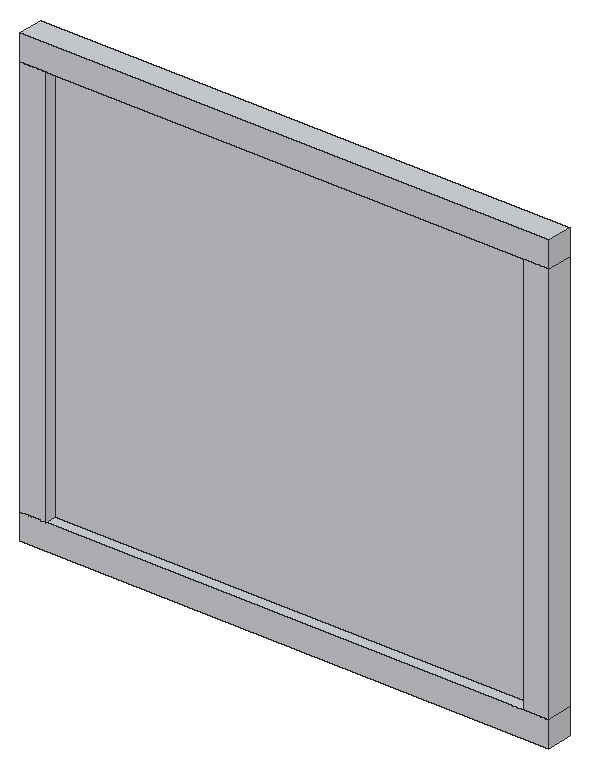
Revit family "1600X1860", category Windows, host Wall, Revit 2014
Parameters
  Window_Glass_Material = none
  Window_Frame_Material = none
  Operation = "NOTDEFINED"
  Analytic Construction = "<None>"
Reference planes
  plane 1: y = 0
  plane 2: z = 0
  plane 3: x = 0
Forms (mm)
  Extrusion 1, void
    sketch origin (0, -183.6, 800) x (0, 0, 1) y (1, 0, 0)
      loop
        line (-800, -930) -> (800, -930) -> (800, 930) -> (-800, 930) -> (-800, -930)
    from 0 to 367.2
  Extrusion 2, solid, material <- "Window_Glass_Material"
    sketch origin (0, 0, 90) x (1, 0, 0) y (0, 1, 0)
      loop
        line (840, -5) -> (840, 5) -> (-840, 5) -> (-840, -5) -> (840, -5)
    from 0 to 1420
  Extrusion 3, solid, material <- "Window_Frame_Material"
    sketch origin (885, 0, 90) x (1, 0, 0) y (0, 1, 0)
      loop
        line (45, -45) -> (45, 45) -> (-45, 45) -> (-45, -45) -> (45, -45)
    from 0 to 1420
  Extrusion 4, solid, material <- "Window_Frame_Material"
    sketch origin (-885, 0, 90) x (1, 0, 0) y (0, 1, 0)
      loop
        line (45, -45) -> (45, 45) -> (-45, 45) -> (-45, -45) -> (45, -45)
    from 0 to 1420
  Extrusion 5, solid, material <- "Window_Frame_Material"
    sketch origin (0, 0, 1510) x (1, 0, 0) y (0, 1, 0)
      loop
        line (-930, -45) -> (930, -45) -> (930, 45) -> (-930, 45) -> (-930, -45)
    from 0 to 90
  Extrusion 6, solid, material <- "Window_Frame_Material"
    sketch origin (0, 0, 0) x (1, 0, 0) y (0, 1, 0)
      loop
        line (-930, -45) -> (930, -45) -> (930, 45) -> (-930, 45) -> (-930, -45)
    from 0 to 90
